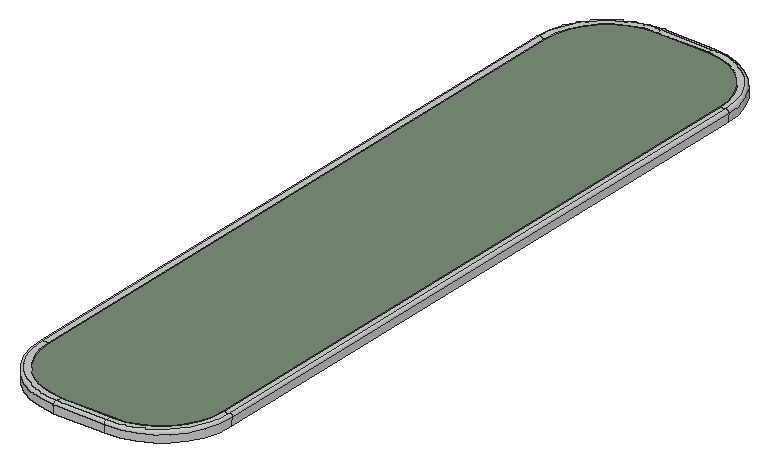
Revit family "M_Estacionamento 1", category Terreno, Revit 2019
Family settings
  Cota do conector redondo = Utilizar diâmetro
  Tipo de parte = Normal
  ID de item do Seek = Parking Island 1-0000-CAN-ENU
  Com base no plano de trabalho = Não
  Sempre na vertical = Não
  Corte com vazios quando carregada = Não
  Compartilhado = Não
Parameters (values of type "12800 x 3000mm")
  Comprimento = 12800 mm
  Largura = 3000 mm
Reference planes
  plane 1 "Centro (Frente/Trás)": y = -914.4
  plane 2: z = 0
  plane 3 "Centro (Esquerda/Direita)": x = 0
  plane 4: y = 5485.6
  plane 5: y = -7314.4
  plane 6: x = -3152.4
  plane 7: x = -152.4
  plane 8: x = -3304.8
  plane 9: y = -7466.8
  plane 10: y = 5638
  plane 11: x = -1652.4
  plane 12: x = -2085.6
  plane 13: x = -1219.2
Forms (mm)
  Sweep 1, solid, material "Concreto, Moldado no local - Cinza"
    path origin (0, 0, 0) x (1, 0, 0) y (0, 1, 0)
      loop
        arc (0, 4418.8) -> (-357.095, 5280.905) -> (-1219.2, 5638) r 1219.2
        line (-1219.2, 5638) -> (-2085.6, 5638)
        arc (-2085.6, 5638) -> (-2947.705, 5280.905) -> (-3304.8, 4418.8) r 1219.2
        line (-3304.8, 4418.8) -> (-3304.8, -6247.6)
        arc (-3304.8, -6247.6) -> (-2947.705, -7109.705) -> (-2085.6, -7466.8) r 1219.2
        line (-2085.6, -7466.8) -> (-1219.2, -7466.8)
        arc (-1219.2, -7466.8) -> (-357.095, -7109.705) -> (0, -6247.6) r 1219.2
        line (0, -6247.6) -> (0, 4418.8)
    profile origin (0, -914.4, 0) x (1, 0, 0) y (0, 0, 1)
      loop
        line (0, 0) -> (0, 127)
        arc (0, 127) -> (-14.879, 162.921) -> (-50.8, 177.8) r 50.8
        line (-50.8, 177.8) -> (-152.4, 177.8) -> (-152.4, 0) -> (0, 0)
  Extrusion 2, solid, material "Grama"
    sketch origin (0, 0, 0) x (1, 0, 0) y (0, 1, 0)
      loop
        arc (-3152.4, -6247.6) -> (-2839.942, -7001.942) -> (-2085.6, -7314.4) r 1066.8
        line (-2085.6, -7314.4) -> (-1219.2, -7314.4)
        arc (-1219.2, -7314.4) -> (-464.858, -7001.942) -> (-152.4, -6247.6) r 1066.8
        line (-152.4, -6247.6) -> (-152.4, 4418.8)
        arc (-152.4, 4418.8) -> (-464.858, 5173.142) -> (-1219.2, 5485.6) r 1066.8
        line (-1219.2, 5485.6) -> (-2085.6, 5485.6)
        arc (-2085.6, 5485.6) -> (-2839.942, 5173.142) -> (-3152.4, 4418.8) r 1066.8
        line (-3152.4, 4418.8) -> (-3152.4, -6247.6)
    from 0 to 177.8
Lines and regions (mm)
  symbolic lines, style "Estacionamento"
    curve 1: line (-3152.4, 4418.8, 0) -> (-3152.4, -6247.6, 0)
    curve 2: arc (-3152.4, 4418.8, 0) -> (-2839.942, 5173.142, 0) -> (-2085.6, 5485.6, 0) r 1066.8
    curve 3: line (-1219.2, 5485.6, 0) -> (-2085.6, 5485.6, 0)
    curve 4: line (-152.4, -6247.6, 0) -> (-152.4, 4418.8, 0)
    curve 5: arc (-3152.4, -6247.6, 0) -> (-2839.942, -7001.942, 0) -> (-2085.6, -7314.4, 0) r 1066.8
    curve 6: line (-2085.6, -7314.4, 0) -> (-1219.2, -7314.4, 0)
  model lines, style "Estacionamento"
    curve 7: arc (-152.4, -6247.6, 0) -> (-464.858, -7001.942, 0) -> (-1219.2, -7314.4, 0) r 1066.8
    curve 8: arc (-152.4, 4418.8, 0) -> (-464.858, 5173.142, 0) -> (-1219.2, 5485.6, 0) r 1066.8
Dimensions and locks
  "Comprimento": plane 5 to plane 4
  "Largura": plane 6 to plane 7
  locked: plane 7 to plane 3 "Centro (Esquerda/Direita)" at 152.4
  locked: plane 4 to plane 10 at 152.4
  locked: plane 8 to plane 6 at 152.4
  locked: plane 9 to plane 5 at 152.4
  equal spacing: plane 6, plane 11, plane 7
  equal spacing: plane 5, plane 1 "Centro (Frente/Trás)", plane 4
  locked: plane 6 to plane 12 at 1066.8
  locked: plane 13 to plane 7 at 1066.8
  aligned and locked: Extrusion 2 sketch curve to curve 1
  aligned and locked: Extrusion 2 sketch curve to curve 4
  aligned and locked: plane 9 to Sweep 1 sketch curve
  aligned and locked: plane 10 to Sweep 1 sketch curve
  aligned and locked: Sweep 1 sketch curve to plane 3 "Centro (Esquerda/Direita)"
  aligned and locked: Sweep 1 sketch curve to plane 8
  aligned and locked: curve 3 to plane 4
  aligned and locked: curve 6 to plane 5
  aligned and locked: Extrusion 2 sketch curve to curve 3
  aligned and locked: Extrusion 2 sketch curve to curve 6
Automatic sketch dimensions
  Sweep 1 sketch curve to level = 0 mm
  Sweep 1 sketch curve to profile plane = 0 mm
  profile plane to Sweep 1 sketch curve = 50.8 mm
  Sweep 1 sketch curve to Sweep 1 sketch curve = 101.6 mm
  level to Sweep 1 sketch curve = 127 mm
  Extrusion 2 sketch curve to plane 12 = 0 mm  (x2)
  Extrusion 2 sketch curve to plane 13 = 0 mm  (x2)
  Sweep 1 sketch curve to plane 12 = 0 mm  (x2)
  Sweep 1 sketch curve to plane 13 = 0 mm  (x2)
  curve 5 to plane 6 = 0 mm
  curve 2 to plane 12 = 0 mm
  curve 5 to plane 12 = 0 mm
  curve 3 to plane 13 = 0 mm
  curve 6 to plane 13 = 0 mm
  curve 8 to plane 7 = 0 mm
